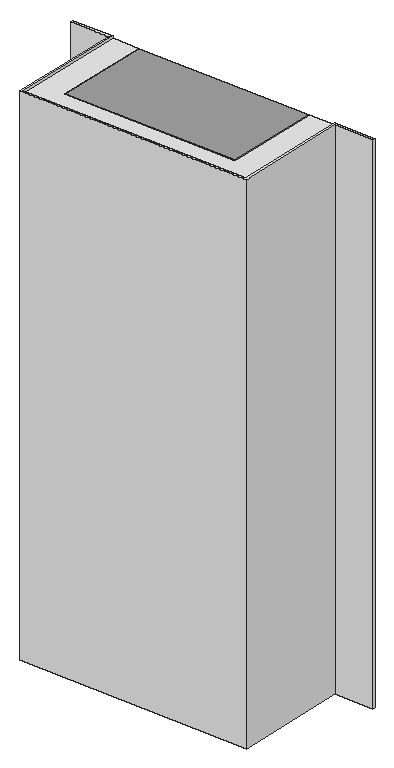
Revit family "5.Wichmann Kabelbox 3S_DECK", category Mechanical Equipment, host Ceiling, Revit 2018
Family settings
  Host = Ceiling
  Round Connector Dimension = Use Diameter
  Part Type = Normal
  OmniClass Number = 23.75.00.00
  OmniClass Title = Climate Control (HVAC)
  Always vertical = Yes
  Cut with Voids When Loaded = No
  Shared = No
  Room Calculation Point = No
Parameters (values of type "Kabelbox 3S, 60x120x270 mm")
  Werkstoff = Stahl
  TCeiling_0 [instance] = 500 mm
  T0 [instance] = TCeiling_0  # 500 mm
  Höhe = 60 mm
  H_rohbau = 80 mm
  H_i = 38 mm
  HAN = "3S060120"
  Breite = 120 mm
  Bautiefe = 270 mm
  B_rohbau = 160 mm
  B_i = 90 mm
Types (50, lengths in mm): name | Höhe | H_rohbau | H_i | HAN | Breite | B_rohbau | B_i
  Kabelbox 3S, 60x120x270 mm | 60 | 80 | 38 | "3S060120" | 120 | 160 | 90
  Kabelbox 3S, 60x160x270 mm | 60 | 80 | 38 | "3S060160" | 160 | 200 | 130
  Kabelbox 3S, 60x200x270 mm | 60 | 80 | 38 | "3S060200" | 200 | 240 | 170
  Kabelbox 3S, 60x240x270 mm | 60 | 80 | 38 | "3S060240" | 240 | 280 | 210
  Kabelbox 3S, 60x260x270 mm | 60 | 80 | 38 | "3S060260" | 260 | 300 | 230
  Kabelbox 3S, 60x335x270 mm | 60 | 80 | 38 | "3S060335" | 335 | 375 | 305
  Kabelbox 3S, 60x360x270 mm | 60 | 80 | 38 | "3S060360" | 360 | 400 | 330
  Kabelbox 3S, 60x435x270 mm | 60 | 80 | 38 | "3S060435" | 435 | 475 | 405
  Kabelbox 3S, 60x460x270 mm | 60 | 80 | 38 | "3S060460" | 460 | 500 | 430
  Kabelbox 3S, 60x535x270 mm | 60 | 80 | 38 | "3S060535" | 535 | 575 | 505
  Kabelbox 3S, 80x120x270 mm | 80 | 100 | 52 | "3S080120" | 120 | 160 | 90
  Kabelbox 3S, 80x160x270 mm | 80 | 100 | 52 | "3S080160" | 160 | 200 | 130
  Kabelbox 3S, 80x200x270 mm | 80 | 100 | 52 | "3S080200" | 200 | 240 | 170
  Kabelbox 3S, 80x240x270 mm | 86.25 | 103.125 | 52 | "3S080240" | 240 | 280 | 210
  Kabelbox 3S, 80x260x270 mm | 80 | 100 | 52 | "3S080260" | 260 | 300 | 230
  Kabelbox 3S, 80x335x270 mm | 80 | 100 | 52 | "3S080335" | 335 | 375 | 305
  Kabelbox 3S, 80x360x270 mm | 80 | 100 | 52 | "3S080360" | 360 | 400 | 330
  Kabelbox 3S, 80x435x270 mm | 80 | 100 | 52 | "3S080435" | 435 | 475 | 405
  Kabelbox 3S, 80x460x270 mm | 80 | 100 | 52 | "3S080460" | 460 | 500 | 430
  Kabelbox 3S, 80x535x270 mm | 80 | 100 | 52 | "3S080535" | 535 | 575 | 505
  Kabelbox 3S, 90x120x270 mm | 90 | 110 | 58 | "3S090120" | 120 | 160 | 90
  Kabelbox 3S, 90x160x270 mm | 90 | 110 | 58 | "3S090160" | 160 | 200 | 130
  Kabelbox 3S, 90x200x270 mm | 90 | 110 | 58 | "3S090200" | 200 | 240 | 170
  Kabelbox 3S, 90x240x270 mm | 90 | 110 | 58 | "3S090240" | 240 | 280 | 210
  Kabelbox 3S, 90x260x270 mm | 90 | 110 | 58 | "3S090260" | 260 | 300 | 230
  Kabelbox 3S, 90x335x270 mm | 90 | 110 | 58 | "3S090335" | 335 | 375 | 305
  Kabelbox 3S, 90x360x270 mm | 90 | 110 | 58 | "3S090360" | 360 | 400 | 330
  Kabelbox 3S, 90x435x270 mm | 90 | 110 | 58 | "3S090435" | 435 | 475 | 405
  Kabelbox 3S, 90x460x270 mm | 90 | 110 | 58 | "3S090460" | 460 | 500 | 430
  Kabelbox 3S, 90x535x270 mm | 90 | 110 | 58 | "3S090535" | 535 | 575 | 505
  Kabelbox 3S, 100x120x270 mm | 100 | 120 | 66 | "3S100120" | 120 | 160 | 90
  Kabelbox 3S, 100x160x270 mm | 100 | 120 | 66 | "3S100160" | 160 | 200 | 130
  Kabelbox 3S, 100x200x270 mm | 100 | 120 | 66 | "3S100200" | 200 | 240 | 170
  Kabelbox 3S, 100x240x270 mm | 100 | 120 | 66 | "3S100240" | 240 | 280 | 210
  Kabelbox 3S, 100x260x270 mm | 100 | 120 | 66 | "3S100260" | 260 | 300 | 230
  Kabelbox 3S, 100x335x270 mm | 100 | 120 | 66 | "3S100335" | 335 | 375 | 305
  Kabelbox 3S, 100x360x270 mm | 100 | 120 | 66 | "3S100360" | 360 | 400 | 330
  Kabelbox 3S, 100x435x270 mm | 100 | 120 | 66 | "3S100435" | 435 | 475 | 405
  Kabelbox 3S, 100x460x270 mm | 100 | 120 | 66 | "3S100460" | 460 | 500 | 430
  Kabelbox 3S, 100x535x270 mm | 100 | 120 | 66 | "3S100535" | 535 | 575 | 505
  Kabelbox 3S, 110x120x270 mm | 110 | 130 | 75 | "3S110120" | 120 | 160 | 90
  Kabelbox 3S, 110x160x270 mm | 110 | 130 | 75 | "3S110160" | 160 | 200 | 130
  Kabelbox 3S, 110x200x270 mm | 110 | 130 | 75 | "3S110200" | 200 | 240 | 170
  Kabelbox 3S, 110x240x270 mm | 110 | 130 | 75 | "3S110240" | 240 | 280 | 210
  Kabelbox 3S, 110x260x270 mm | 110 | 130 | 75 | "3S110260" | 260 | 300 | 230
  Kabelbox 3S, 110x335x270 mm | 110 | 130 | 75 | "3S110335" | 335 | 375 | 305
  Kabelbox 3S, 110x360x270 mm | 110 | 130 | 75 | "3S110360" | 360 | 400 | 330
  Kabelbox 3S, 110x435x270 mm | 110 | 130 | 75 | "3S110435" | 435 | 475 | 405
  Kabelbox 3S, 110x460x270 mm | 110 | 130 | 75 | "3S110460" | 460 | 500 | 430
  Kabelbox 3S, 110x535x270 mm | 110 | 130 | 75 | "3S110535" | 535 | 575 | 505
Reference planes
  plane 1 "Center (Front/Back)": y = 0
  plane 2: z = 0
  plane 3 "Center (Left/Right)": x = 0
  plane 4 "Ceiling": z = 4065
  plane 5: z = 4315
  plane 6: z = 4565
  plane 7: z = 4450
  plane 8: z = 4180
  plane 9: x = 45
  plane 10: x = 60
  plane 11: x = -45
  plane 12: x = -60
  plane 13: x = 80
  plane 14: x = -80
  plane 15: y = -50
  plane 16: y = 30
  plane 17: y = -30
  plane 18: y = -19
  plane 19: y = 19
Forms (mm)
  Extrusion 1, solid, material "Stahl" <- "Werkstoff"
    sketch origin (0, 0, 4065) x (0, 1, 0) y (-1, 0, 0)
      loop
        line (28.594, 60) -> (-30, 60) -> (-30, -60) -> (28.594, -60) -> (28.594, -80) -> (30, -80) -> (30, -59.004) -> (-29.004, -59.004) -> (-29.004, 59.004) -> (30, 59.004) -> (30, 80) -> (28.594, 80) -> (28.594, 60)
    from 115 to 385
  Extrusion 2, solid, material "EasyFoam"
    sketch origin (0, 0, 4065) x (0, 1, 0) y (-1, 0, 0)
      loop
        line (30, 45) -> (-19, 45) -> (-19, -45) -> (30, -45) -> (30, 45)
    from 116 to 384
  Extrusion 3, solid, material "Brandschutzeinlage"
    sketch origin (0, 0, 4065) x (0, 1, 0) y (-1, 0, 0)
      loop
        line (30, 59.004) -> (-29.004, 59.004) -> (-29.004, -59.004) -> (30, -59.004) -> (30, -45) -> (-19, -45) -> (-19, 45) -> (30, 45) -> (30, 59.004)
    from 116 to 384
Lines and regions (mm)
  Opening 1
    outline origin (-2000, 2000, 4565) x (-1, 0, 0) y (0, -1, 0)
      loop
        line (-1920, 1970) -> (-1920, 2050) -> (-2080, 2050) -> (-2080, 1970) -> (-1920, 1970)
Dimensions and locks
  equal spacing: host sketch curve, plane 3 "Center (Left/Right)", host sketch curve
  equal spacing: host sketch curve, plane 1 "Center (Front/Back)", host sketch curve
  host sketch curve to host sketch curve = 4000 mm  (x2)
  equal spacing: plane 6, plane 5, plane 4 "Ceiling"
  "TCeiling_0": host ceiling to host ceiling
  "T0": plane 6 to plane 4 "Ceiling"
  equal spacing: plane 7, plane 5, plane 8, locked at 135 each
  equal spacing: plane 14, plane 3 "Center (Left/Right)", plane 13
  "B_rohbau": plane 14 to plane 13
  "Breite": plane 12 to plane 10
  equal spacing: plane 12, plane 3 "Center (Left/Right)", plane 10
  equal spacing: plane 11, plane 3 "Center (Left/Right)", plane 9
  "B_i": plane 11 to plane 9
  locked: Extrusion 1 to plane 10 at 0.996
  locked: plane 12 to Extrusion 1 at 0.996
  locked: Extrusion 1 to Extrusion 1 at 0.996
  equal spacing: plane 19, plane 1 "Center (Front/Back)", plane 18
  "H_rohbau": plane 16 to plane 15
  equal spacing: plane 16, plane 1 "Center (Front/Back)", plane 17
  "H_i": plane 19 to plane 18
  "Höhe": plane 16 to plane 17
  locked: Extrusion 1 to Extrusion 1 at 1.406
  locked: plane 7 to Extrusion 3 at 1
  locked: Extrusion 3 to plane 8 at 1
  "Bautiefe": plane 7 to plane 8
  aligned and locked: plane 4 "Ceiling" to host ceiling
  aligned and locked: Opening 1 sketch curve to plane 14
  aligned and locked: Opening 1 sketch curve to plane 13
  aligned and locked: plane 13 to Extrusion 1 sketch curve
  aligned and locked: Extrusion 1 sketch curve to plane 10
  aligned and locked: plane 12 to Extrusion 1 sketch curve
  aligned and locked: plane 14 to Extrusion 1 sketch curve
  aligned and locked: plane 7 to Extrusion 1
  aligned and locked: Extrusion 1 to plane 8
  aligned and locked: plane 14 to nested 3
  aligned and locked: plane 13 to nested 3
  aligned and locked: plane 15 to Opening 1 sketch curve
  aligned and locked: Extrusion 1 to Extrusion 1
  aligned and locked: plane 15 to nested 3
  aligned and locked: Extrusion 2 to plane 18
  aligned and locked: plane 11 to Extrusion 2
  aligned and locked: Extrusion 1 to plane 17
  aligned and locked: plane 9 to Extrusion 2
  aligned and locked: plane 16 to Extrusion 3 sketch curve
  aligned and locked: Extrusion 3 sketch curve to Extrusion 1  (x3)
  aligned and locked: Extrusion 3 sketch curve to Extrusion 2  (x2)
  aligned and locked: Extrusion 2 to Extrusion 3 sketch curve
  aligned and locked: Extrusion 3 sketch curve to plane 16
  aligned and locked: Opening 1 sketch curve to plane 16
  aligned and locked: Extrusion 3 to Extrusion 2  (x2)
  aligned and locked: host ceiling to Extrusion 1
  aligned and locked: host ceiling to Extrusion 2
  aligned and locked: Extrusion 1 to host ceiling
  aligned and locked: nested 3 to plane 16
  aligned and locked: nested 1 to plane 17
  aligned and locked: plane 16 to nested 1
  aligned and locked: plane 6 to nested 2
  aligned and locked: plane 4 "Ceiling" to nested 2
  aligned and locked: nested 2 to plane 12
  aligned and locked: nested 2 to plane 10
  aligned and locked: plane 6 to nested 1
  aligned and locked: plane 4 "Ceiling" to nested 1
Automatic sketch dimensions
  Extrusion 1 sketch curve to plane 10 = 0.996 mm
  Extrusion 1 sketch curve to plane 12 = 0.996 mm
  plane 15 to Extrusion 1 sketch curve = 20.996 mm
  Extrusion 1 sketch curve to Extrusion 1 sketch curve = 0.996 mm
  Extrusion 2 sketch curve to plane 11 = 0 mm
  Extrusion 2 sketch curve to plane 9 = 0 mm
  plane 1 "Center (Front/Back)" to Extrusion 2 sketch curve = 19 mm
  Extrusion 1 sketch curve to Extrusion 1 sketch curve = 1.406 mm  (x2)
  Extrusion 1 sketch curve to plane 1 "Center (Front/Back)" = 28.594 mm  (x2)
  Extrusion 2 sketch curve to plane 1 "Center (Front/Back)" = 30 mm
Nested families
  nested 1: "Side" at (0, 0, 4315) x (0, -1, 0) z (1, 0, 0), type "Side"
    with h 500 mm, b 60 mm
  nested 2: "Side" at (0, 0, 4315) x (1, 0, 0) z (0, -1, 0), type "Side"
    with h 500 mm, b 120 mm
  nested 3: "Front" at (0, -10, 4065) x (0, -1, 0) z (0, 0, -1), type "Front"
    with x 13.333 mm, h 160 mm, b 80 mm
Definition of nested family "Side"
  Parameters (values of type "Side")
    h [instance] = 433.181 mm
    b [instance] = 613.979 mm
  Reference planes
    plane 1 "Center (Front/Back)": y = 0
    plane 2: z = 0
    plane 3 "Center (Left/Right)": x = 0
    plane 4: y = 216.59
    plane 5: x = -306.99
    plane 6: x = 306.99
    plane 7: y = -216.59
  Lines and regions (mm)
    detail lines, in view "Ref. Level"
      curve 1: line (-306.99, 216.59, 0) -> (306.99, 216.59, 0)
      curve 2: line (-306.99, -216.59, 0) -> (-306.99, 216.59, 0)
      curve 3: line (306.99, -216.59, 0) -> (-306.99, -216.59, 0)
      curve 4: line (306.99, 216.59, 0) -> (306.99, -216.59, 0)
      curve 5: line (306.99, -216.59, 0) -> (-306.99, 216.59, 0)
      curve 6: line (-306.99, -216.59, 0) -> (306.99, 216.59, 0)
  Dimensions and locks
    equal spacing: plane 4, plane 1 "Center (Front/Back)", plane 7
    "h": plane 4 to plane 7
    equal spacing: plane 5, plane 3 "Center (Left/Right)", plane 6
    "b": plane 5 to plane 6
    aligned and locked: curve 3 to plane 7
    aligned and locked: plane 6 to curve 4
  Automatic sketch dimensions
    curve 1 to plane 4 = 0 mm
    curve 1 to plane 5 = 0 mm
Definition of nested family "Front"
  Parameters (values of type "Front")
    h [instance] = 433.181 mm
    x [instance] = if(b < h, b, h) / 6  # 72.197 mm
    b [instance] = 613.979 mm
  Reference planes
    plane 1 "Center (Front/Back)": y = 0
    plane 2: z = 0
    plane 3 "Center (Left/Right)": x = 0
    plane 4: y = 216.59
    plane 5: x = -306.99
    plane 6: x = 306.99
    plane 7: y = -216.59
    plane 8: x = -234.793
    plane 9: y = 144.394
  Lines and regions (mm)
    Filled region 1, type "Concrete", in view "Ref. Level"
      outline origin (0, 0, 0) x (1, 0, 0) y (0, 1, 0)
        loop
          line (306.99, 216.59) -> (-306.99, 216.59) -> (-306.99, -216.59) -> (-234.793, 144.394) -> (306.99, 216.59)
    detail lines, in view "Ref. Level"
      curve 1: line (-306.99, 216.59, 0) -> (306.99, 216.59, 0)
      curve 2: line (-306.99, -216.59, 0) -> (-306.99, 216.59, 0)
      curve 3: line (306.99, -216.59, 0) -> (-306.99, -216.59, 0)
      curve 4: line (306.99, 216.59, 0) -> (306.99, -216.59, 0)
  Dimensions and locks
    equal spacing: plane 4, plane 1 "Center (Front/Back)", plane 7
    "h": plane 4 to plane 7
    equal spacing: plane 5, plane 3 "Center (Left/Right)", plane 6
    "b": plane 5 to plane 6
    "x": plane 4 to plane 9
    "x": plane 5 to plane 8
    aligned and locked: plane 9 to Filled region 1 sketch curve
    aligned and locked: plane 8 to Filled region 1 sketch curve
    aligned and locked: curve 1 to Filled region 1
    aligned and locked: curve 2 to Filled region 1
    aligned and locked: curve 3 to plane 7
    aligned and locked: plane 6 to curve 4
  Automatic sketch dimensions
    Filled region 1 sketch curve to plane 4 = 0 mm
    Filled region 1 sketch curve to plane 5 = 0 mm
    Filled region 1 sketch curve to plane 6 = 0 mm
    plane 7 to Filled region 1 sketch curve = 0 mm
